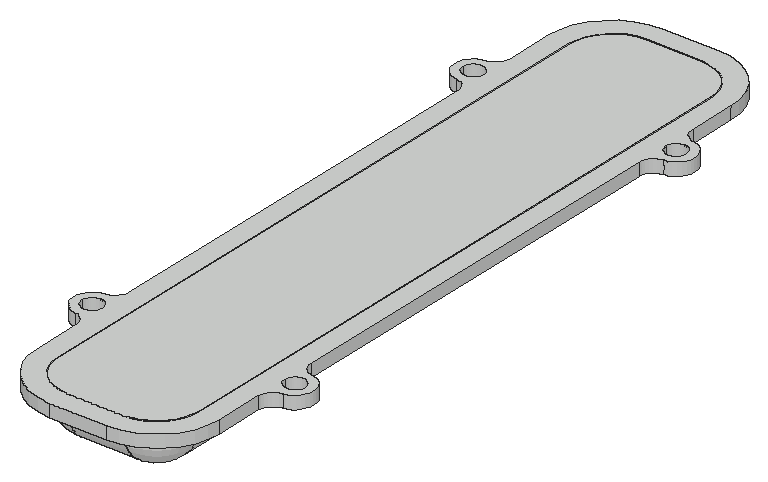
Revit family "EGLL2P", category 照明器具, Revit 2020
Family settings
  丸型コネクタ寸法 = 直径を使用
  パーツ タイプ = 標準
  作業面ベース = はい
  常に垂直 = いいえ
  ロード時にボイドで切り取り = いいえ
  光源 = いいえ
  共有 = いいえ
  部屋計算ポイント = いいえ
Parameters
  製造元 = "伊東電機株式会社(ITO DENKI CO.,LTD.)"
  既定の高さ = 1219.2 mm
  本体材質 = 鋼、鍍鋅
  前面ガラス = 塑膠、不透明白色
  カタログ番号 = "HS000450"
Reference planes
  plane 1 "中心(正面/背面)": y = 0
  plane 2: z = 0
  plane 3 "中心(左/右)": x = 0
  plane 4: x = -48.5
  plane 5: x = 48.5
  plane 6: y = 114
  plane 7: y = -114
  plane 8: y = -183
  plane 9: y = 183
  plane 10: z = -26
  plane 11: x = -57.5
  plane 12: x = 57.5
  plane 13: z = -6
  plane 14: z = -23
Forms (mm)
  Extrusion 1, solid, material "鋼、鍍鋅" <- "本体材質"
    sketch origin (0, 0, 0) x (1, 0, 0) y (0, 1, 0)
      loop
        arc (-13.5, 183) -> (-34.713, 174.213) -> (-43.5, 153) r 30
        line (-43.5, 153) -> (-43.5, 129.875)
        arc (-43.5, 129.875) -> (-45.25, 125.244) -> (-49.625, 122.929) r 7
        arc (-49.625, 122.929) -> (-57.5, 114) -> (-49.625, 105.071) r 9
        arc (-49.625, 105.071) -> (-45.25, 102.756) -> (-43.5, 98.125) r 7
        line (-43.5, 98.125) -> (-43.5, -98.125)
        arc (-43.5, -98.125) -> (-45.25, -102.756) -> (-49.625, -105.071) r 7
        arc (-49.625, -105.071) -> (-57.5, -114) -> (-49.625, -122.929) r 9
        arc (-49.625, -122.929) -> (-45.25, -125.244) -> (-43.5, -129.875) r 7
        line (-43.5, -129.875) -> (-43.5, -153)
        arc (-43.5, -153) -> (-34.713, -174.213) -> (-13.5, -183) r 30
        line (-13.5, -183) -> (13.5, -183)
        arc (13.5, -183) -> (34.713, -174.213) -> (43.5, -153) r 30
        line (43.5, -153) -> (43.5, -129.875)
        arc (43.5, -129.875) -> (45.25, -125.244) -> (49.625, -122.929) r 7
        arc (49.625, -122.929) -> (57.5, -114) -> (49.625, -105.071) r 9
        arc (49.625, -105.071) -> (45.25, -102.756) -> (43.5, -98.125) r 7
        line (43.5, -98.125) -> (43.5, 98.125)
        arc (43.5, 98.125) -> (45.25, 102.756) -> (49.625, 105.071) r 7
        arc (49.625, 105.071) -> (57.5, 114) -> (49.625, 122.929) r 9
        arc (49.625, 122.929) -> (45.25, 125.244) -> (43.5, 129.875) r 7
        line (43.5, 129.875) -> (43.5, 153)
        arc (43.5, 153) -> (34.713, 174.213) -> (13.5, 183) r 30
        line (13.5, 183) -> (-13.5, 183)
      loop
        circle (-48.5, 114) r 5
      loop
        circle (-48.5, -114) r 5
      loop
        circle (48.5, 114) r 5
      loop
        circle (48.5, -114) r 5
      loop
        arc (-13.5, 173) -> (-27.642, 167.142) -> (-33.5, 153) r 20
        line (-33.5, 153) -> (-33.5, -153)
        arc (-33.5, -153) -> (-27.642, -167.142) -> (-13.5, -173) r 20
        line (-13.5, -173) -> (13.5, -173)
        arc (13.5, -173) -> (27.642, -167.142) -> (33.5, -153) r 20
        line (33.5, -153) -> (33.5, 153)
        arc (33.5, 153) -> (27.642, 167.142) -> (13.5, 173) r 20
        line (13.5, 173) -> (-13.5, 173)
    from -6 to 0
  Revolve 2, solid, material "塑膠、不透明白色" <- "前面ガラス"
    sketch origin (13.5, 0, 0) x (0, 1, 0) y (0, 0, 1)
      loop
        arc (-173, -6) -> (-167.142, -20.142) -> (-153, -26) r 20
        line (-153, -26) -> (-153, -24)
        arc (-153, -24) -> (-165.728, -18.728) -> (-171, -6) r 18
        line (-171, -6) -> (-173, -6)
      axis (-153, -26) -> (-153, -6)
    angle from 0 to 360
  Revolve 3, solid, material "塑膠、不透明白色" <- "前面ガラス"
    sketch origin (-13.5, 0, 0) x (0, 1, 0) y (0, 0, -1)
      loop
        line (-173, 6) -> (-171, 6)
        arc (-171, 6) -> (-165.728, 18.728) -> (-153, 24) r 18
        line (-153, 24) -> (-153, 26)
        arc (-153, 26) -> (-167.142, 20.142) -> (-173, 6) r 20
      axis (-153, 26) -> (-153, 6)
    angle from 0 to 360
  Revolve 4, solid, material "塑膠、不透明白色" <- "前面ガラス"
    sketch origin (13.5, 0, 0) x (0, -1, 0) y (0, 0, -1)
      loop
        line (-173, 6) -> (-171, 6)
        arc (-171, 6) -> (-165.728, 18.728) -> (-153, 24) r 18
        line (-153, 24) -> (-153, 26)
        arc (-153, 26) -> (-167.142, 20.142) -> (-173, 6) r 20
      axis (-153, 26) -> (-153, 6)
    angle from 0 to 360
  Extrusion 5, void
    sketch origin (0, 0, 0) x (1, 0, 0) y (0, 1, 0)
      loop
        line (33.5, 153) -> (13.5, 153) -> (13.5, 173) -> (-13.5, 173) -> (-13.5, 153) -> (-33.5, 153) -> (-33.5, 133) -> (33.5, 133) -> (33.5, 153)
      loop
        line (33.5, -153) -> (33.5, -133) -> (-33.5, -133) -> (-33.5, -153) -> (-13.5, -153) -> (-13.5, -173) -> (13.5, -173) -> (13.5, -153) -> (33.5, -153)
    from -26 to -6
  Revolve 6, solid, material "塑膠、不透明白色" <- "前面ガラス"
    sketch origin (-13.5, 0, 0) x (0, -1, 0) y (0, 0, 1)
      loop
        arc (-173, -6) -> (-167.142, -20.142) -> (-153, -26) r 20
        line (-153, -26) -> (-153, -24)
        arc (-153, -24) -> (-165.728, -18.728) -> (-171, -6) r 18
        line (-171, -6) -> (-173, -6)
      axis (-153, -26) -> (-153, -6)
    angle from 0 to 360
  Extrusion 7, solid, material "塑膠、不透明白色" <- "前面ガラス"
    sketch origin (0, 0, 0) x (1, 0, 0) y (0, 0, 1)
      loop
        arc (-13.5, -24) -> (-26.228, -18.728) -> (-31.5, -6) r 18
        line (-31.5, -6) -> (-33.5, -6)
        arc (-33.5, -6) -> (-27.642, -20.142) -> (-13.5, -26) r 20
        line (-13.5, -26) -> (13.5, -26)
        arc (13.5, -26) -> (27.642, -20.142) -> (33.5, -6) r 20
        line (33.5, -6) -> (31.5, -6)
        arc (31.5, -6) -> (26.228, -18.728) -> (13.5, -24) r 18
        line (13.5, -24) -> (-13.5, -24)
    from -153 to 153
  Extrusion 8, solid, material "塑膠、不透明白色" <- "前面ガラス"
    sketch origin (0, 0, 0) x (0, 1, 0) y (0, 0, 1)
      loop
        arc (-173, -6) -> (-167.142, -20.142) -> (-153, -26) r 20
        line (-153, -26) -> (-153, -24)
        arc (-153, -24) -> (-165.728, -18.728) -> (-171, -6) r 18
        line (-171, -6) -> (-173, -6)
      loop
        line (173, -6) -> (171, -6)
        arc (171, -6) -> (165.728, -18.728) -> (153, -24) r 18
        line (153, -24) -> (153, -26)
        arc (153, -26) -> (167.142, -20.142) -> (173, -6) r 20
    from -13.5 to 13.5
  Extrusion 9, solid, material "鋼、鍍鋅" <- "本体材質"
    sketch origin (0, 0, 0) x (1, 0, 0) y (0, 1, 0)
      loop
        arc (-13.5, 173) -> (-27.642, 167.142) -> (-33.5, 153) r 20
        line (-33.5, 153) -> (-33.5, -153)
        arc (-33.5, -153) -> (-27.642, -167.142) -> (-13.5, -173) r 20
        line (-13.5, -173) -> (13.5, -173)
        arc (13.5, -173) -> (27.642, -167.142) -> (33.5, -153) r 20
        line (33.5, -153) -> (33.5, 153)
        arc (33.5, 153) -> (27.642, 167.142) -> (13.5, 173) r 20
        line (13.5, 173) -> (-13.5, 173)
    from -6 to 0
Cuts and joins
  Extrusion 5 cuts Revolve 2
  Extrusion 5 cuts Revolve 3
  Extrusion 5 cuts Revolve 4
  joined: Revolve 3, Revolve 4, Extrusion 7, Extrusion 8
  Extrusion 5 cuts Revolve 6
Dimensions and locks
  equal spacing: plane 8, plane 1 "中心(正面/背面)", plane 9
  plane 8 to plane 9 = 366 mm
  equal spacing: plane 4, plane 3 "中心(左/右)", plane 5
  plane 4 to plane 5 = 97 mm
  equal spacing: plane 7, plane 1 "中心(正面/背面)", plane 6
  plane 7 to plane 6 = 228 mm
  level to plane 10 = 26 mm
  equal spacing: plane 12, plane 3 "中心(左/右)", plane 11
  plane 12 to plane 11 = 115 mm
  level to plane 13 = 6 mm
  aligned and locked: level to plane 2
  aligned and locked: Extrusion 1 to Extrusion 9
  aligned and locked: level to Extrusion 9
Automatic sketch dimensions
  Extrusion 1 sketch curve to Extrusion 1 sketch curve = 0 mm  (x24)
  Extrusion 1 sketch curve to plane 4 = 0 mm  (x2)
  plane 8 to Extrusion 1 sketch curve = 0 mm
  plane 9 to Extrusion 1 sketch curve = 0 mm
  Extrusion 1 sketch curve to plane 5 = 0 mm  (x2)
  plane 7 to Extrusion 1 sketch curve = 0 mm  (x2)
  plane 6 to Extrusion 1 sketch curve = 0 mm  (x2)
  Extrusion 1 sketch curve to plane 4 = 2 mm  (x4)
  plane 4 to Extrusion 1 sketch curve = 5 mm  (x3)
  Extrusion 1 sketch curve to Extrusion 1 sketch curve = 10 mm
  Extrusion 1 sketch curve to plane 3 "中心(左/右)" = 13.5 mm  (x2)
  plane 3 "中心(左/右)" to Extrusion 1 sketch curve = 13.5 mm  (x2)
  Extrusion 1 sketch curve to plane 5 = 5 mm
  plane 5 to Extrusion 1 sketch curve = 2 mm  (x4)
  plane 7 to Extrusion 1 sketch curve = 15.875 mm  (x2)
  Extrusion 1 sketch curve to plane 7 = 15.875 mm  (x2)
  plane 6 to Extrusion 1 sketch curve = 15.875 mm  (x2)
  Extrusion 1 sketch curve to plane 6 = 15.875 mm  (x2)
  Revolve 2 sketch curve to plane 13 = 0 mm
  Revolve 2 sketch curve to plane 10 = 0 mm
  Revolve 2 sketch curve to Revolve 2 sketch curve = 2 mm
  Revolve 2 sketch curve to Revolve 2 sketch curve = 7.5 mm
  Revolve 2 sketch curve to Revolve 2 sketch curve = 1 mm
  Revolve 3 sketch curve to plane 13 = 0 mm
  Revolve 3 sketch curve to plane 10 = 0 mm
  Revolve 3 sketch curve to Revolve 3 sketch curve = 2 mm
  Revolve 3 sketch curve to Revolve 3 sketch curve = 6.5 mm
  Revolve 3 sketch curve to Revolve 3 sketch curve = 1 mm
  Revolve 4 sketch curve to Revolve 4 sketch curve = 0 mm  (x3)
  Revolve 4 sketch curve to plane 13 = 0 mm
  Revolve 4 sketch curve to plane 10 = 0 mm
  plane 9 to Revolve 4 sketch curve = 10 mm
  Revolve 4 sketch curve to Revolve 4 sketch curve = 2 mm
  Revolve 4 sketch curve to Revolve 4 sketch curve = 6.5 mm
  Revolve 4 sketch curve to Revolve 4 sketch curve = 1 mm
  Revolve 6 sketch curve to Revolve 6 sketch curve = 0 mm  (x3)
  Revolve 6 sketch curve to plane 13 = 0 mm
  Revolve 6 sketch curve to plane 10 = 0 mm
  plane 9 to Revolve 6 sketch curve = 10 mm
  Revolve 6 sketch curve to Revolve 6 sketch curve = 2 mm
  Revolve 6 sketch curve to Revolve 6 sketch curve = 7.5 mm
  Revolve 6 sketch curve to Revolve 6 sketch curve = 1 mm
  Extrusion 7 sketch curve to Extrusion 7 sketch curve = 0 mm  (x4)
  Extrusion 7 sketch curve to plane 13 = 0 mm  (x2)
  Extrusion 7 sketch curve to plane 10 = 0 mm
  plane 4 to Extrusion 7 sketch curve = 15 mm
  Extrusion 7 sketch curve to Extrusion 7 sketch curve = 2 mm
  plane 3 "中心(左/右)" to Extrusion 7 sketch curve = 13.5 mm
  Extrusion 1 sketch curve to plane 5 = 15 mm
  Revolve 2 sketch curve to Revolve 2 sketch curve = 0 mm  (x2)
  Revolve 2 sketch curve to plane 8 = 10 mm
  Revolve 3 sketch curve to Revolve 3 sketch curve = 0 mm  (x2)
  Revolve 3 sketch curve to plane 8 = 10 mm
  Extrusion 8 sketch curve to Extrusion 8 sketch curve = 0 mm  (x4)
  Extrusion 8 sketch curve to plane 13 = 0 mm  (x2)
  Extrusion 8 sketch curve to plane 10 = 0 mm  (x2)
  Extrusion 8 sketch curve to plane 8 = 10 mm
  Extrusion 8 sketch curve to Extrusion 8 sketch curve = 2 mm  (x2)
  plane 9 to Extrusion 8 sketch curve = 30 mm
  Extrusion 5 sketch curve to plane 4 = 15 mm  (x2)
  plane 3 "中心(左/右)" to Extrusion 5 sketch curve = 13.5 mm  (x2)
  Extrusion 5 sketch curve to plane 3 "中心(左/右)" = 13.5 mm  (x2)
  plane 5 to Extrusion 5 sketch curve = 15 mm  (x2)
  Extrusion 5 sketch curve to plane 9 = 10 mm
  Extrusion 5 sketch curve to Extrusion 5 sketch curve = 20 mm  (x4)
  plane 6 to Extrusion 5 sketch curve = 19 mm
  Extrusion 5 sketch curve to plane 7 = 19 mm
  plane 8 to Extrusion 5 sketch curve = 10 mm
  plane 3 "中心(左/右)" to Extrusion 9 sketch curve = 13.5 mm  (x2)
  plane 9 to Extrusion 9 sketch curve = 30 mm
  plane 9 to Extrusion 9 sketch curve = 10 mm
  Extrusion 9 sketch curve to plane 3 "中心(左/右)" = 13.5 mm  (x2)
  Extrusion 9 sketch curve to plane 8 = 30 mm
  Extrusion 9 sketch curve to Extrusion 9 sketch curve = 20 mm
  radius of Extrusion 1 sketch curve = 5 mm  (x4)
